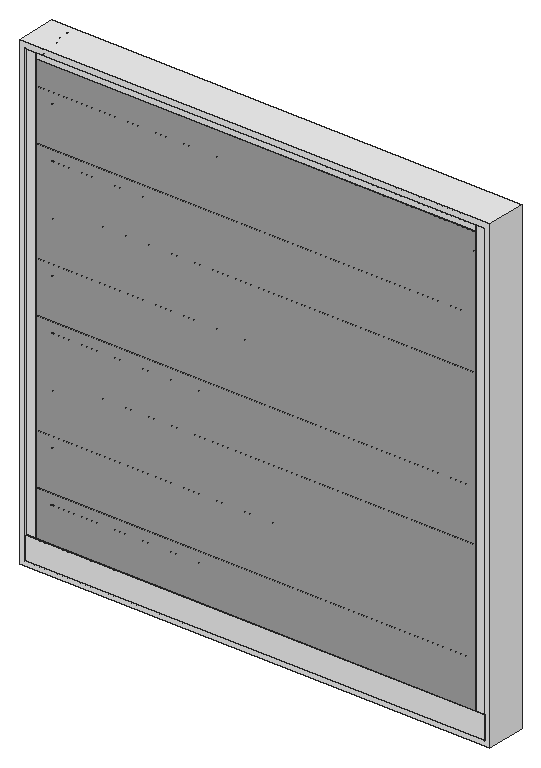
Revit family
Parameters (values of type "Louver_Operable_EOJ-445_All-Lite")
  URL = "http://www.alllite-louvers.com"
  Spacing = 0.5 ft
  SmartBIM Object Version = 3  # constant formula
  SmartBIM Object Created By = "Reed Construction Data"  # constant formula
  Shim Thickness = 0.042 ft
  Screen Width = Width - (2 * Shim Thickness) - 2 * 0.083333 ft  # 3.749333 ft
  Screen Height = Height - (2 * Shim Thickness) - 2 * 0.098958 ft  # 3.718083 ft
  Screen = Aluminum
  Rough Width = 0.0 ft
  Rough Height = 0.0 ft
  Product URL = "http://www.alllite-louvers.com/catalog.php?model=EOJ-445"
  Pressure Loss (in.wg.) = "0.10"  # constant formula
  OmniClass Title = "Exterior Louvers and Grilles"  # constant formula
  OmniClass Code = "23-60 11 17"  # constant formula
  Model Number = "EOJ-445"  # constant formula
  Minimum Size = "12\" x 12\""
  Maximum Size - Single Section = "48\" x 96\" with low leakage seals, 60\" x 96\"  without low leakage seals. "
  Maximum Size - Multiple Section = "Unlimited"
  Manufacturer = "All-Lite"  # constant formula
  Louver Width = Width - (2 * Shim Thickness) - 0.166667 ft  # 3.749333 ft
  Louver = Mill finish, 6063-T5 Extruded Aluminum
  Height = 4.0 ft
  Free Area for 48”x48” Louver = "49.4%"
  Free Area Velocity (fpm) = "683"  # constant formula
  Free Area (ft²) for 48"x48" Louver = 7.9 ft
  Frame = Mill finish, 6063-T5 Extruded Aluminum
  Default Sill Height = 3.0 ft
  Wall Closure = (empty or 0)
  Width = 4.0 ft
  Cut Sheet = "http://www.alllite-louvers.com/catalog/AEOJ445.pdf"
  Assembly Code = "B2010300"
  Air Volume Delivered (cfm) = "5,396"  # constant formula
  95 CSI = "10200 "  # constant formula
  04 CSI = "08 91 00"  # constant formula
  # of Louvers = (Height - 0.25 ft) / (Spacing)  # 8
Reference planes (ft)
  plane 1 "Center (Front/Back)": y = 0
  plane 2: z = 0.291667
  plane 3 "Center (Left/Right)": x = 0
  plane 4 "Left": x = -2
  plane 5 "Right": x = 2
  plane 6 "Sill": z = 3.291667
  plane 7 "Top": z = 7.291667
  plane 8: x = -1.958
  plane 9: x = 1.958
  plane 10: z = 7.249667
  plane 11: z = 3.333667
  plane 12: z = 5.291667
  plane 13: z = 7.030917
  plane 14: z = 3.531583
Forms (ft)
  Sweep 1, solid, material "Mill finish, 6063-T5 Extruded Aluminum" <- "Frame"
    path origin (-5, 0.333333, 0) x (-1, 0, 0) y (0, 0, 1)
      loop
        line (-6.874667, 7.249667) -> (-3.125333, 7.249667)
    profile "Head Horizontal Mullion : Head Horizontal Mullion" origin (0, 0.333333, 7.249667) x (0, 0, 1) y (0, 1, 0)
      loop
        line (-0.0625, -0.325833) -> (0, -0.325833) -> (0, 0) -> (-0.080537, 0)
        arc (-0.080537, 0) -> (-0.083121, -0.000514) -> (-0.08531, -0.001977) r 0.00675
        line (-0.08531, -0.001977) -> (-0.142259, -0.058926) -> (-0.137486, -0.063699) -> (-0.080537, -0.00675) -> (-0.010125, -0.00675)
        arc (-0.010125, -0.00675) -> (-0.007739, -0.007739) -> (-0.00675, -0.010125) r 0.003375
        line (-0.00675, -0.010125) -> (-0.00675, -0.064875)
        arc (-0.00675, -0.064875) -> (-0.007739, -0.067261) -> (-0.010125, -0.06825) r 0.003375
        line (-0.010125, -0.06825) -> (-0.027583, -0.06825) -> (-0.027583, -0.075) -> (-0.212, -0.075) -> (-0.212, -0.00675) -> (-0.135417, -0.00675) -> (-0.135417, 0) -> (-0.21875, 0) -> (-0.21875, -0.08175) -> (-0.11088, -0.08175)
        arc (-0.11088, -0.08175) -> (-0.108493, -0.082739) -> (-0.107505, -0.085125) r 0.003375
        line (-0.107505, -0.085125) -> (-0.107505, -0.097504)
        arc (-0.107505, -0.097504) -> (-0.108064, -0.099365) -> (-0.109556, -0.100609) r 0.003375
        arc (-0.109556, -0.100609) -> (-0.117736, -0.110837) -> (-0.113719, -0.123303) r 0.013833
        arc (-0.113719, -0.123303) -> (-0.110058, -0.123976) -> (-0.108005, -0.120871) r 0.003375
        arc (-0.108005, -0.120871) -> (-0.108274, -0.119549) -> (-0.10904, -0.118438) r 0.003375
        arc (-0.10904, -0.118438) -> (-0.10413, -0.10625) -> (-0.099219, -0.118438) r 0.007083
        arc (-0.099219, -0.118438) -> (-0.099985, -0.119549) -> (-0.100255, -0.120871) r 0.003375
        arc (-0.100255, -0.120871) -> (-0.098202, -0.123976) -> (-0.09454, -0.123303) r 0.003375
        arc (-0.09454, -0.123303) -> (-0.090524, -0.110837) -> (-0.098704, -0.100609) r 0.013833
        arc (-0.098704, -0.100609) -> (-0.100196, -0.099365) -> (-0.100755, -0.097504) r 0.003375
        line (-0.100755, -0.097504) -> (-0.100755, -0.085125)
        arc (-0.100755, -0.085125) -> (-0.099766, -0.082739) -> (-0.09738, -0.08175) r 0.003375
        line (-0.09738, -0.08175) -> (-0.06925, -0.08175) -> (-0.06925, -0.0885) -> (-0.046442, -0.0885)
        arc (-0.046442, -0.0885) -> (-0.044055, -0.089489) -> (-0.043067, -0.091875) r 0.003375
        line (-0.043067, -0.091875) -> (-0.043067, -0.097504)
        arc (-0.043067, -0.097504) -> (-0.043626, -0.099365) -> (-0.045118, -0.100609) r 0.003375
        arc (-0.045118, -0.100609) -> (-0.053298, -0.110837) -> (-0.049281, -0.123303) r 0.013833
        arc (-0.049281, -0.123303) -> (-0.04562, -0.123976) -> (-0.043567, -0.120871) r 0.003375
        arc (-0.043567, -0.120871) -> (-0.043836, -0.119549) -> (-0.044602, -0.118438) r 0.003375
        arc (-0.044602, -0.118438) -> (-0.039692, -0.10625) -> (-0.034781, -0.118438) r 0.007083
        arc (-0.034781, -0.118438) -> (-0.035547, -0.119549) -> (-0.035817, -0.120871) r 0.003375
        arc (-0.035817, -0.120871) -> (-0.033763, -0.123976) -> (-0.030102, -0.123303) r 0.003375
        arc (-0.030102, -0.123303) -> (-0.026085, -0.110837) -> (-0.034266, -0.100609) r 0.013833
        arc (-0.034266, -0.100609) -> (-0.035758, -0.099365) -> (-0.036317, -0.097504) r 0.003375
        line (-0.036317, -0.097504) -> (-0.036317, -0.091875)
        arc (-0.036317, -0.091875) -> (-0.035328, -0.089489) -> (-0.032942, -0.0885) r 0.003375
        line (-0.032942, -0.0885) -> (-0.010125, -0.0885)
        arc (-0.010125, -0.0885) -> (-0.007739, -0.089489) -> (-0.00675, -0.091875) r 0.003375
        line (-0.00675, -0.091875) -> (-0.00675, -0.2678)
        arc (-0.00675, -0.2678) -> (-0.007739, -0.270187) -> (-0.010125, -0.271175) r 0.003375
        line (-0.010125, -0.271175) -> (-0.023858, -0.271175)
        arc (-0.023858, -0.271175) -> (-0.025719, -0.270616) -> (-0.026963, -0.269124) r 0.003375
        arc (-0.026963, -0.269124) -> (-0.037191, -0.260944) -> (-0.049657, -0.26496) r 0.013833
        arc (-0.049657, -0.26496) -> (-0.05033, -0.268622) -> (-0.047225, -0.270675) r 0.003375
        arc (-0.047225, -0.270675) -> (-0.045903, -0.270406) -> (-0.044793, -0.26964) r 0.003375
        arc (-0.044793, -0.26964) -> (-0.032604, -0.27455) -> (-0.044793, -0.27946) r 0.007083
        arc (-0.044793, -0.27946) -> (-0.045903, -0.278695) -> (-0.047225, -0.278425) r 0.003375
        arc (-0.047225, -0.278425) -> (-0.05033, -0.280478) -> (-0.049657, -0.28414) r 0.003375
        arc (-0.049657, -0.28414) -> (-0.037191, -0.288156) -> (-0.026963, -0.279976) r 0.013833
        arc (-0.026963, -0.279976) -> (-0.025719, -0.278484) -> (-0.023858, -0.277925) r 0.003375
        line (-0.023858, -0.277925) -> (-0.010125, -0.277925)
        arc (-0.010125, -0.277925) -> (-0.007739, -0.278914) -> (-0.00675, -0.2813) r 0.003375
        line (-0.00675, -0.2813) -> (-0.00675, -0.315708)
        arc (-0.00675, -0.315708) -> (-0.007739, -0.318095) -> (-0.010125, -0.319083) r 0.003375
        line (-0.010125, -0.319083) -> (-0.0625, -0.319083) -> (-0.0625, -0.325833)
  Sweep 2, solid, material "Mill finish, 6063-T5 Extruded Aluminum" <- "Frame"
    path origin (-5, 0.333333, 0) x (-1, 0, 0) y (0, 0, 1)
      loop
        line (-6.958, 3.333667) -> (-3.042, 3.333667)
    profile "Horizontal Mullion : Horizontal Mullion" origin (0, 0.333333, 3.333667) x (0, 0, 1) y (0, 1, 0)
      loop
        line (0.00675, -0.00675) -> (0.076583, -0.00675) -> (0.076583, -0.333333) -> (0.00675, -0.333333) -> (0.00675, -0.298417) -> (0, -0.298417) -> (0, -0.340083) -> (0.197917, -0.340083) -> (0.197917, -0.333333) -> (0.083333, -0.333333) -> (0.083333, 0) -> (0, 0) -> (0, -0.041667) -> (0.00675, -0.041667) -> (0.00675, -0.00675)
  Sweep 3, solid, material "Mill finish, 6063-T5 Extruded Aluminum" <- "Frame"
    path origin (-5, 0.333333, 0) x (-1, 0, 0) y (0, 0, 1)
      loop
        line (-6.958, 3.333667) -> (-6.958, 7.249667)
    profile "Vertical Mullion : Vertical Mullion" origin (1.958, 0.333333, 5.291667) x (1, 0, 0) y (0, 1, 0)
      loop
        line (-0.010417, -0.010417) -> (-0.010417, -0.041667) -> (0, -0.041667) -> (0, 0) -> (-0.083333, 0) -> (-0.083333, -0.333247) -> (0, -0.333247) -> (0, -0.291581) -> (-0.010417, -0.291581) -> (-0.010417, -0.322831) -> (-0.072917, -0.322831) -> (-0.072917, -0.010417) -> (-0.010417, -0.010417)
  Sweep 4, solid, material "Mill finish, 6063-T5 Extruded Aluminum" <- "Frame"
    path origin (5, 0.333333, 0) x (1, 0, 0) y (0, 0, -1)
      loop
        line (-6.958, -3.333667) -> (-6.958, -7.249667)
    profile "Vertical Mullion : Vertical Mullion" origin (-1.958, 0.333333, 5.291667) x (1, 0, 0) y (0, 1, 0)
      loop
        line (0.010417, -0.010417) -> (0.072917, -0.010417) -> (0.072917, -0.322831) -> (0.010417, -0.322831) -> (0.010417, -0.291581) -> (0, -0.291581) -> (0, -0.333247) -> (0.083333, -0.333247) -> (0.083333, 0) -> (0, 0) -> (0, -0.041667) -> (0.010417, -0.041667) -> (0.010417, -0.010417)
  Sweep 5, solid, material "Mill finish, 6063-T5 Extruded Aluminum" <- "Frame"
    path origin (-5, 0.333333, 0) x (-1, 0, 0) y (0, 0, 1)
      loop
        line (-3, 7.291667) -> (-7, 7.291667) -> (-7, 3.291667) -> (-3, 3.291667) -> (-3, 7.291667)
    profile origin (-2, 0.333333, 5.291667) x (0, 1, 0) y (-1, 0, 0)
      loop
        line (0, 0) -> (-0.340083, 0) -> (-0.340083, -0.042) -> (0, -0.042) -> (0, 0)
  Extrusion 6, solid, material "Aluminum" <- "Screen"
    sketch origin (-1.874667, 0.000086, 3.333667) x (0, 0, 1) y (-1, 0, 0)
      loop
        line (3.8535, 0) -> (0.197917, 0) -> (0.197917, -3.749333) -> (3.8535, -3.749333) -> (3.8535, 0)
    from -0.007414 to -0.000904
Cuts and joins
  joined: Sweep 2, Sweep 3, Sweep 4
Lines and regions (ft)
  Opening 1
    outline origin (-5, -0.333333, 0) x (1, 0, 0) y (0, 0, 1)
      loop
        line (3, 7.291667) -> (3, 3.291667) -> (7, 3.291667) -> (7, 7.291667) -> (3, 7.291667)
  Masking region 1, detail levels coarse+medium
    outline origin (0, 0, 0) x (1, 0, 0) y (0, 1, 0)
      loop
        line (-2, 0.333333) -> (-2, -0.00675) -> (-1.874667, -0.00675) -> (-1.874667, 0.333333) -> (-2, 0.333333)
      loop
        line (1.874667, 0.333333) -> (1.874667, -0.00675) -> (2, -0.00675) -> (2, 0.333333) -> (1.874667, 0.333333)
  Masking region 2, detail levels fine
    outline origin (0, 0, 0) x (1, 0, 0) y (0, 1, 0)
      loop
        line (1.885083, 0.010503) -> (1.885083, 0.322917) -> (1.947583, 0.322917) -> (1.947583, 0.291667) -> (1.958, 0.291667) -> (1.958, 0.333333) -> (1.874667, 0.333333) -> (1.874667, 0.000086) -> (1.958, 0.000086) -> (1.958, 0.041753) -> (1.947583, 0.041753) -> (1.947583, 0.010503) -> (1.885083, 0.010503)
      loop
        line (-1.947583, 0.322917) -> (-1.885083, 0.322917) -> (-1.885083, 0.010503) -> (-1.947583, 0.010503) -> (-1.947583, 0.041753) -> (-1.958, 0.041753) -> (-1.958, 0.000086) -> (-1.874667, 0.000086) -> (-1.874667, 0.333333) -> (-1.958, 0.333333) -> (-1.958, 0.291667) -> (-1.947583, 0.291667) -> (-1.947583, 0.322917)
Text (ft)
  text "EXTERIOR" at (-4.890733, 4.242245, 0), in view "Ref. Level"
  text "INTERIOR" at (-4.890733, -3.147199, 0), in view "Ref. Level"
  text "Exterior" at (0, 3.638026, 10.266337), in view "Left"
  text "Exterior" at (0, 1.524487, 10.420622), in view "Right"
Dimensions and locks (ft)
  equal spacing: plane 4 "Left", plane 3 "Center (Left/Right)", plane 5 "Right"
  "Width": plane 4 "Left" to plane 5 "Right"
  "Height": plane 6 "Sill" to plane 7 "Top"
  "Default Sill Height": plane 2 to plane 6 "Sill"
  "Shim Thickness": plane 4 "Left" to plane 8
  "Shim Thickness": plane 9 to plane 5 "Right"
  "Shim Thickness": plane 10 to plane 7 "Top"
  "Shim Thickness": plane 6 "Sill" to plane 11
  equal spacing: plane 11, plane 12, plane 10
  Sweep 5 to Sweep 5 = 0.340083 ft
  locked: plane 10 to plane 13 at 0.21875
  locked: plane 11 to plane 14 at 0.197917
  equal spacing: group 1, group 3, group 4, group 5, group 6, group 7, group 8, group 2  (x2)
  equal spacing: group 2, group 8, group 7, group 6, group 5, group 4, group 3, group 1
  aligned and locked: plane 7 "Top" to Opening 1 sketch curve
  aligned and locked: plane 6 "Sill" to Opening 1 sketch curve  (x2)
  aligned and locked: plane 5 "Right" to Opening 1 sketch curve
  aligned and locked: plane 4 "Left" to Opening 1 sketch curve
  aligned and locked: plane 10 to Sweep 1 sketch curve
  aligned and locked: Sweep 2 sketch curve to plane 11
  aligned and locked: plane 9 to Sweep 3 sketch curve
  aligned and locked: Sweep 4 sketch curve to plane 8
  aligned and locked: Sweep 5 sketch curve to plane 4 "Left"
  aligned and locked: Sweep 5 sketch curve to plane 7 "Top"
  aligned and locked: Sweep 5 sketch curve to plane 6 "Sill"
  aligned and locked: Sweep 5 sketch curve to plane 5 "Right"
  aligned and locked: Sweep 5 sketch curve to host wall  (x2)
  aligned and locked: plane 8 to Sweep 5 sketch curve
  aligned and locked: plane 10 to Sweep 4 sketch curve
  aligned and locked: profile plane to host wall
  aligned and locked: Sweep 1 sketch curve to cut or joined group of Sweep 2, Sweep 3, Sweep 4  (x2)
  aligned and locked: plane 11 to Sweep 4 sketch curve
  aligned and locked: plane 11 to Sweep 3 sketch curve
  aligned and locked: nested 1 to Sweep 5
  aligned and locked: cut or joined group of Sweep 2, Sweep 3, Sweep 4 to Extrusion 6 sketch curve  (x3)
  aligned and locked: Sweep 1 to Extrusion 6 sketch curve
  aligned and locked: plane 13 to Sweep 1
  aligned and locked: nested 1 to plane 13
  aligned and locked: plane 14 to cut or joined group of Sweep 2, Sweep 3, Sweep 4
  aligned and locked: plane 3 "Center (Left/Right)" to nested 1
  aligned and locked: nested 2 to plane 14
  aligned and locked: nested 2 to Sweep 5
  aligned and locked: Extrusion 6 to nested 5
  aligned and locked: plane 9 to Sweep 2 sketch curve
  aligned and locked: plane 8 to Sweep 2 sketch curve
  aligned and locked: Sweep 5 sketch curve to cut or joined group of Sweep 2, Sweep 3, Sweep 4
  aligned and locked: Masking region 1 sketch curve to host wall
  aligned and locked: Sweep 5 to Masking region 1 sketch curve  (x2)
  aligned and locked: Masking region 1 sketch curve to nested 8
  aligned and locked: Masking region 1 sketch curve to Sweep 5  (x3)
  aligned and locked: Masking region 1 sketch curve to cut or joined group of Sweep 2, Sweep 3, Sweep 4
  aligned and locked: Masking region 2 sketch curve to cut or joined group of Sweep 2, Sweep 3, Sweep 4  (x15)
  aligned and locked: Masking region 2 sketch curve to nested 8  (x2)
  aligned and locked: cut or joined group of Sweep 2, Sweep 3, Sweep 4 to Masking region 2 sketch curve
  aligned and locked: plane 9 to Masking region 2 sketch curve
  aligned and locked: Sweep 5 to Masking region 2 sketch curve  (x2)
  aligned and locked: Masking region 2 sketch curve to Sweep 5  (x2)
Automatic sketch dimensions
  Sweep 3 sketch curve to plane 10 = 0.0 ft
  Masking region 2 sketch curve to plane 8 = 0.0 ft
Nested families (ft)
  nested 1: "Louver Single" at (0, 0.419271, 6.593967), type "Louver"
  nested 2: "Louver Single" at (0, 0.419271, 3.531583), type "Louver"
  nested 3: "Louver Single" at (0, 0.419271, 6.156484), type "Louver"
  nested 4: "Louver Single" at (0, 0.419271, 5.719), type "Louver"
  nested 5: "Louver Single" at (0, 0.419271, 5.281517), type "Louver"
  nested 6: "Louver Single" at (0, 0.419271, 4.844033), type "Louver"
  nested 7: "Louver Single" at (0, 0.419271, 4.40655), type "Louver"
  nested 8: "Louver Single" at (0, 0.419271, 3.969067), type "Louver"
Connectors (ft)
  hvac at (0, 0.00099, 5.359375), driven by "Screen Height", driven by "Screen Width"
    settings: on Extrusion 6, index 1
Definition of nested family "Louver Single"
  Parameters (values of type "Louver")
    Louver Length = 3.75 ft
    Depth = 0.333333 ft
    Louver Single = yes
    Louver = none
    Assembly Code = ""
  Reference planes (ft)
    plane 1 "Center (Front/Back)": y = -0.085938
    plane 2: z = 0
    plane 3 "Center (Left/Right)": x = 0
    plane 4: x = -1.875
    plane 5: x = 1.875
    plane 6: y = -0.411771
    plane 7: z = 0.43695
    plane 8: x = -1.885833
    plane 9: x = -1.90709
  Forms (ft)
    Extrusion 1, solid, material <- "Louver"
      sketch origin (0, 0.734405, -0.361441) x (0, 1, 0) y (0, 0, 1)
        loop
          arc (-0.963019, 0.562715) -> (-0.970999, 0.549738) -> (-0.985723, 0.545827) r 0.020542
          arc (-0.985723, 0.545827) -> (-0.989478, 0.542881) -> (-0.986532, 0.539126) r 0.003375
          arc (-0.986532, 0.539126) -> (-0.970598, 0.542043) -> (-0.959125, 0.553478) r 0.027292
          arc (-0.959125, 0.553478) -> (-0.956981, 0.555001) -> (-0.954483, 0.554179) r 0.002917
          line (-0.954483, 0.554179) -> (-0.827093, 0.426788) -> (-0.827093, 0.364816)
          arc (-0.827093, 0.364816) -> (-0.823718, 0.361441) -> (-0.820343, 0.364816) r 0.003375
          line (-0.820343, 0.364816) -> (-0.820343, 0.429584) -> (-1.139426, 0.748668) -> (-1.139426, 0.795015)
          arc (-1.139426, 0.795015) -> (-1.142801, 0.79839) -> (-1.146176, 0.795015) r 0.003375
          line (-1.146176, 0.795015) -> (-1.146176, 0.745872) -> (-0.995301, 0.594996)
          arc (-0.995301, 0.594996) -> (-0.994479, 0.592499) -> (-0.996001, 0.590355) r 0.002917
          arc (-0.996001, 0.590355) -> (-1.007436, 0.578881) -> (-1.010354, 0.562947) r 0.027292
          arc (-1.010354, 0.562947) -> (-1.006599, 0.560001) -> (-1.003653, 0.563757) r 0.003375
          arc (-1.003653, 0.563757) -> (-0.999741, 0.57848) -> (-0.986765, 0.586461) r 0.020542
          line (-0.986765, 0.586461) -> (-0.963019, 0.562715)
      from -1.875 to 1.875
    Extrusion 2, solid, material <- "Louver"
      sketch origin (0, 0, 0) x (0, 1, 0) y (0, 0, -1)
        loop
          arc (-0.248854, -0.262363) -> (-0.194646, -0.208155) -> (-0.248854, -0.153946) r 0.054208
          line (-0.248854, -0.153946) -> (-0.338938, -0.153946)
          arc (-0.338938, -0.153946) -> (-0.393146, -0.208155) -> (-0.338938, -0.262363) r 0.054208
          line (-0.338938, -0.262363) -> (-0.248854, -0.262363)
        loop
          circle (-0.248854, -0.208155) r 0.02125
      from 1.885833 to 1.90709
  Dimensions and locks (ft)
    equal spacing: plane 4, plane 3 "Center (Left/Right)", plane 5
    "Louver Length": plane 4 to plane 5
    locked: plane 8 to plane 4 at 0.010833
    locked: plane 9 to plane 8 at 0.021257
    aligned and locked: Extrusion 1 to plane 4
    aligned and locked: plane 5 to Extrusion 1
    aligned and locked: plane 6 to Extrusion 1
    aligned and locked: Extrusion 2 to plane 8
    aligned and locked: plane 9 to Extrusion 2
  Automatic sketch dimensions
    Extrusion 1 sketch curve to Extrusion 1 sketch curve = 0.0 ft  (x18)
    Extrusion 1 sketch curve to plane 6 = 0.0 ft
    Extrusion 1 sketch curve to plane 1 "Center (Front/Back)" = 0.0 ft
    Extrusion 1 sketch curve to Extrusion 1 sketch curve = 0.003375 ft
    Extrusion 1 sketch curve to plane 6 = 0.135822 ft
    Extrusion 1 sketch curve to Extrusion 1 sketch curve = 0.003351 ft  (x2)
    Extrusion 1 sketch curve to Extrusion 1 sketch curve = 0.00629 ft
    Extrusion 1 sketch curve to Extrusion 1 sketch curve = 0.001362 ft
    Extrusion 1 sketch curve to Extrusion 1 sketch curve = 0.002062 ft  (x2)
    Extrusion 1 sketch curve to Extrusion 1 sketch curve = 0.009237 ft
    Extrusion 1 sketch curve to Extrusion 1 sketch curve = 0.017121 ft
    Extrusion 1 sketch curve to Extrusion 1 sketch curve = 0.000405 ft
    Extrusion 1 sketch curve to Extrusion 1 sketch curve = 0.003505 ft
    Extrusion 1 sketch curve to Extrusion 1 sketch curve = 0.02024 ft
    Extrusion 1 sketch curve to Extrusion 1 sketch curve = 0.003894 ft
    Extrusion 1 sketch curve to Extrusion 1 sketch curve = 0.002579 ft
    plane 1 "Center (Front/Back)" to Extrusion 1 sketch curve = 0.00675 ft
    level to Extrusion 1 sketch curve = 0.003375 ft
    Extrusion 1 sketch curve to Extrusion 1 sketch curve = 0.061973 ft
    Extrusion 1 sketch curve to Extrusion 1 sketch curve = 0.002796 ft  (x2)
    level to Extrusion 1 sketch curve = 0.177685 ft
    Extrusion 1 sketch curve to Extrusion 1 sketch curve = 0.003273 ft
    plane 7 to Extrusion 1 sketch curve = 0.052519 ft
    plane 7 to Extrusion 1 sketch curve = 0.003375 ft
    Extrusion 2 sketch curve to Extrusion 2 sketch curve = 0.0 ft  (x2)
    Extrusion 2 sketch curve to plane 6 = 0.072833 ft
    Extrusion 2 sketch curve to Extrusion 2 sketch curve = 0.090083 ft
    plane 7 to Extrusion 2 sketch curve = 0.174587 ft
    Extrusion 2 sketch curve to Extrusion 2 sketch curve = 0.054208 ft
    radius of Extrusion 2 sketch curve = 0.02125 ft
